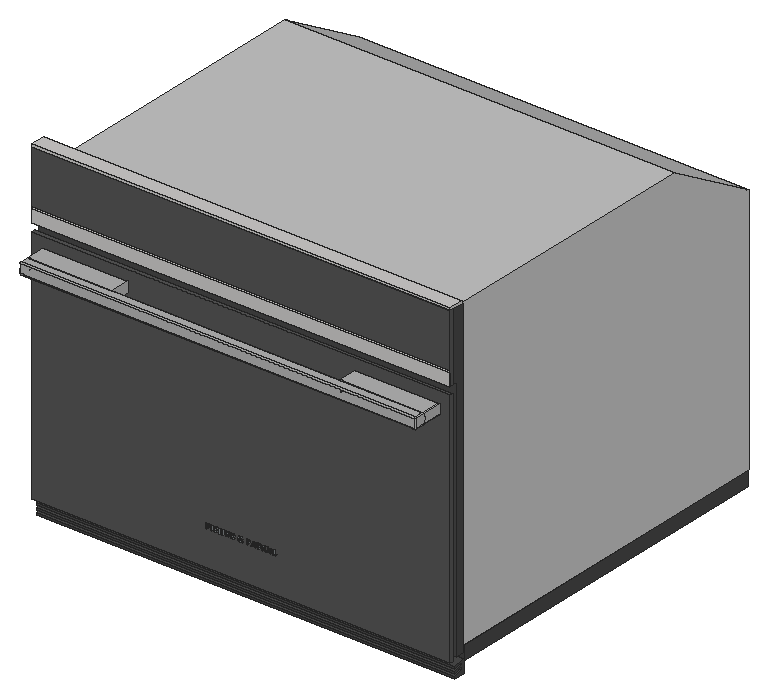
Revit family "FP_Revit_18_OM24NDB1_w_TK480NDB1_Microwave_Oven_w_24in_Trimkit_90000811A", category Specialty Equipment, Revit 2018
Family settings
  Round Connector Dimension = Use Diameter
  Part Type = Normal
  OmniClass Number = 23.40.40.14.17.31
  OmniClass Title = Small Specialized Cooking Equipment
  Work Plane-Based = No
  Always vertical = Yes
  Cut with Voids When Loaded = Yes
  Shared = No
  Room Calculation Point = No
Parameters (values of type "OM24NDB1 + TK480NDB1")
  Visibility - Clearance Required = yes
  URL = "www.fisherpaykel.com"
  Product - Width = 596 mm  # constant formula
  Product - Height = 478 mm  # constant formula
  Product - Depth = 614 mm  # constant formula
  Model = "OM24NDB1 + TK480NDB1"
  Material - Trim = Fisher & Paykel - Stainless Steel
  Material - Structure = Fisher & Paykel - Black
  Material - Handle = Fisher & Paykel - Aluminium
  Material - Glass = Fisher & Paykel - Glass, Black
  Material - Body = Fisher & Paykel - Grey
  Manufacturer = "Fisher & Paykel Appliances"
  FFL Offset [instance] = 900 mm
  Description = "24\" Microwave Oven + 24\" Trimkit"
  Connector Description - Electrical = "120/240 V or 12/208 V, 60 Hz, 13 or 14 A"
  Chassis - Width = 560 mm  # constant formula
  Chassis - Height = 466 mm  # constant formula
  Chassis - Depth = 542 mm  # constant formula
  Cavity - Width = 560 mm  # constant formula
  Cavity - Height = 480 mm  # constant formula
  Cavity - Depth = 560 mm  # constant formula
Reference planes
  plane 1 "Datum": y = 0
  plane 2: z = 0
  plane 3 "Center (Left/Right)": x = 0
  plane 4: z = 1380
  plane 5: z = 1378
  plane 6 "Product LHS": x = -298
  plane 7 "Product RHS": x = 298
  plane 8 "Product - Depth": y = 0
  plane 9 "Cavity LHS": x = -300
  plane 10 "Cavity RHS": x = 300
  plane 11 "Cavity - Depth": y = 560
  plane 12 "Chassis - Height": z = 0
  plane 13 "Product Depth": y = 542
  plane 14 "FFL Offset": z = 900
  plane 15 "Front": y = -22
Forms (mm)
  Extrusion 1, void
    sketch origin (0, 0, 0) x (0, 1, 0) y (0, 0, 1)
      loop
        line (-22, 1380) -> (-22, 900) -> (0, 900) -> (0, 1380) -> (-22, 1380)
    from -300 to 300
  Extrusion 2, void
    sketch origin (0, 0, 0) x (0, 1, 0) y (0, 0, 1)
      loop
        line (560, 1380) -> (0, 1380) -> (0, 900) -> (560, 900) -> (560, 1380)
    from -280 to 280
Text (mm)
  text "Due to ongoing product development, product details are subject to change without notice. \nPlease always refer to www.fisherpaykel.com for the most current product information. \n© Fisher & Paykel 2020" at (41.04, -413.295, 0), in view "Ref. Level (Plan)"
Dimensions and locks
  equal spacing: plane 6 "Product LHS", plane 3 "Center (Left/Right)", plane 7 "Product RHS"
  "Product - Width": plane 6 "Product LHS" to plane 7 "Product RHS"
  equal spacing: plane 9 "Cavity LHS", plane 3 "Center (Left/Right)", plane 10 "Cavity RHS"
  locked: plane 9 "Cavity LHS" to plane 10 "Cavity RHS" at 600
  "Chassis - Depth": plane 1 "Datum" to plane 13 "Product Depth"
  "FFL Offset": plane 14 "FFL Offset" to level
  "Cavity - Depth": plane 1 "Datum" to plane 11 "Cavity - Depth"
  "Product - Height": plane 5 to plane 14 "FFL Offset"
  "Cavity - Height": plane 4 to plane 14 "FFL Offset"
  "Chassis - Height": nested 1 to plane 14 "FFL Offset"
  "Cavity - Width": Extrusion 2 to Extrusion 2
  aligned and locked: level to plane 2
  aligned and locked: Extrusion 1 sketch curve to plane 8 "Product - Depth"
  aligned and locked: plane 14 "FFL Offset" to Extrusion 1 sketch curve
  aligned and locked: Extrusion 1 sketch curve to plane 4
  aligned and locked: Extrusion 1 to plane 10 "Cavity RHS"
  aligned and locked: plane 9 "Cavity LHS" to Extrusion 1
  aligned and locked: Extrusion 2 sketch curve to plane 8 "Product - Depth"
  aligned and locked: Extrusion 2 sketch curve to plane 14 "FFL Offset"
  aligned and locked: plane 11 "Cavity - Depth" to Extrusion 2 sketch curve
  aligned and locked: Extrusion 2 sketch curve to nested 2
  aligned and locked: nested 1 to plane 8 "Product - Depth"
  aligned and locked: plane 15 "Front" to Extrusion 1
Automatic sketch dimensions
  Extrusion 1 sketch curve to Extrusion 1 sketch curve = 22 mm
Nested families
  nested 1: "FP_Revit_18_OM24NDB1_Microwave_Oven_90000811A" at (0, 0, 20), FFL Offset <- "FFL Offset", type "OM24NDB1"
    with FFL Offset 900 mm
  nested 2: "FP_Revit_18_TK480_Trimkits_90001188A" at (0, 1.5, 0), FFL Offset <- "FFL Offset", type "TK480NDB1"
    with FFL Offset 900 mm
Connectors
  electrical at (-193.854, 548.619, 959.454), driven by "Connector Description - Electrical"
    settings: on nested 1, index 1, voltage 120 V, apparent load 0 VA, apparent load phase1 0 VA, apparent load phase2 0 VA, apparent load phase3 0 VA, power factor 1, load classification "Other", number of poles 1, system type 30, power factor state 1, is connector primary yes, connector utility no, sub classification motor no, connector description "120/240 V or 12/208 V, 60 Hz, 13 or 14 A"
Definition of nested family "FP_Revit_18_OM24NDB1_Microwave_Oven_90000811A"
  Parameters (values of type "OM24NDBB1")
    Visibility - Clearance Required = yes
    URL = "www.fisherpaykel.com"
    Product - Width = 596 mm  # constant formula
    Product - Height = 458 mm  # constant formula
    Product - Depth = 562 mm  # constant formula
    Model = "OM24NDBB1"
    Material - Trim = none
    Material - Structure = none
    Material - Handle = none
    Material - Glass = none
    Material - Body = none
    Manufacturer = "Fisher & Paykel Appliances"
    FFL Offset [instance] = 900 mm
    Description = "24\" Microwave Oven"
    Connector Description - Electrical = "120/240 V or 12/208 V, 60 Hz, 13 or 14 A"
    Chassis - Width = 556 mm  # constant formula
    Chassis - Height = 446 mm  # constant formula
    Chassis - Depth = 540 mm  # constant formula
    Cavity - Width = 600 mm  # constant formula
    Cavity - Height = 460 mm  # constant formula
    Cavity - Depth = 560 mm  # constant formula
  Types (4, lengths in mm): name | Model | Description | Connector Description - Electrical
    OS24NDB1 | "OS24NDB1" | "24\" Steam Oven" | "208 V or 240 V, 60 Hz, 10.8 or 12.5 A"
    OM24NDB1 | "OM24NDB1" | "24\" Microwave Oven" | "120/240 V or 12/208 V, 60 Hz, 13 or 14 A"
    OM24NDBB1 | "OM24NDBB1" | "24\" Microwave Oven" | "120/240 V or 12/208 V, 60 Hz, 13 or 14 A"
    OS24NDBB1 | "OS24NDBB1" | "24\" Steam Oven" | "208 V or 240 V, 60 Hz, 10.8 or 12.5 A"
  Reference planes
    plane 1 "Center (Front/Back)": y = 0
    plane 2: z = 0
    plane 3 "Center (Left/Right)": x = 0
    plane 4: z = 1360
    plane 5: z = 1358
    plane 6 "Product LHS": x = -298
    plane 7 "Product RHS": x = 298
    plane 8 "Product - Depth": y = 0
    plane 9 "Cavity LHS": x = -300
    plane 10 "Cavity RHS": x = 300
    plane 11 "Cavity - Depth": y = 560
    plane 12 "Front Face": y = -22
    plane 13 "Chassis - Height": z = 0
    plane 14 "Product Depth": y = 540
    plane 15 "FFL Offset": z = 900
  Forms (mm)
    Extrusion 1, solid, material <- "Material - Body"
      sketch origin (0, 0, 0) x (0, 1, 0) y (0, 0, 1)
        loop
          line (0, 1346) -> (0, 907.28) -> (5.16, 907.28) -> (5.16, 900) -> (534.187, 900) -> (534.187, 1257.991) -> (403.295, 1336.64) -> (24.316, 1336.64) -> (8.71, 1346) -> (0, 1346)
      from -278 to 278
    Extrusion 2, solid, material <- "Material - Structure", detail levels fine
      sketch origin (0, 0, 0) x (0, 1, 0) y (0, 0, 1)
        loop
          line (0, 1353.9) -> (-2, 1353.9) -> (-2, 1355) -> (-18, 1355) -> (-18, 1258) -> (-9.89, 1258) -> (-9.89, 907.28) -> (0, 907.28) -> (0, 1353.9)
      from -298 to 298
    Extrusion 3, solid, material <- "Material - Trim", detail levels fine
      sketch origin (0, 0, 0) x (0, 1, 0) y (0, 0, 1)
        loop
          line (-22, 1358) -> (-22, 1355) -> (-2, 1355) -> (-2, 1358) -> (-22, 1358)
      from -298 to 298
    Extrusion 4, solid, material <- "Material - Glass", detail levels fine
      sketch origin (0, 0, 0) x (0, 1, 0) y (0, 0, 1)
        loop
          line (-18, 1355) -> (-20.262, 1355)
          arc (-20.262, 1355) -> (-21.236, 1354.682) -> (-22, 1354) r 2.5
          line (-22, 1354) -> (-22, 1258) -> (-18, 1258) -> (-18, 1355)
      from -298 to 298
    Extrusion 5, solid, material <- "Material - Glass", detail levels fine
      sketch origin (0, 0, 0) x (0, 1, 0) y (0, 0, 1)
        loop
          line (-22, 1246.53) -> (-22, 904.53) -> (-18, 904.53) -> (-18, 1246.53) -> (-22, 1246.53)
      from -298 to 298
    Extrusion 6, solid, material <- "Material - Structure", detail levels fine
      sketch origin (0, 0, 0) x (0, 1, 0) y (0, 0, 1)
        loop
          line (-18, 1229.33) -> (-18, 907.28) -> (-9.89, 907.28) -> (-9.89, 1229.33) -> (-18, 1229.33)
      from -278 to 278
    Extrusion 7, void
      sketch origin (0, 0, 0) x (1, 0, 0) y (0, 0, 1)
        loop
          line (-158.462, 1052.91) -> (-229.24, 1052.91)
          arc (-229.24, 1052.91) -> (-232.776, 1051.446) -> (-234.24, 1047.91) r 5
          line (-234.24, 1047.91) -> (-234.24, 955.13)
          arc (-234.24, 955.13) -> (-232.776, 951.594) -> (-229.24, 950.13) r 5
          line (-229.24, 950.13) -> (-158.462, 950.13)
          arc (-158.462, 950.13) -> (-154.926, 951.594) -> (-153.462, 955.13) r 5
          line (-153.462, 955.13) -> (-153.462, 1047.91)
          arc (-153.462, 1047.91) -> (-154.926, 1051.446) -> (-158.462, 1052.91) r 5
      from -539.6 to -521.6
    Sweep 8, void
      path in 3D
        loop
          arc (-153.462, 521.6, 955.13) -> (-154.926, 521.6, 951.594) -> (-158.462, 521.6, 950.13) r 5
          line (-158.462, 521.6, 950.13) -> (-229.24, 521.6, 950.13)
          arc (-229.24, 521.6, 950.13) -> (-232.776, 521.6, 951.594) -> (-234.24, 521.6, 955.13) r 5
          line (-234.24, 521.6, 955.13) -> (-234.24, 521.6, 1047.91)
          arc (-234.24, 521.6, 1047.91) -> (-232.776, 521.6, 1051.446) -> (-229.24, 521.6, 1052.91) r 5
          line (-229.24, 521.6, 1052.91) -> (-158.462, 521.6, 1052.91)
          arc (-158.462, 521.6, 1052.91) -> (-154.926, 521.6, 1051.446) -> (-153.462, 521.6, 1047.91) r 5
          line (-153.462, 521.6, 1047.91) -> (-153.462, 521.6, 955.13)
      profile origin (-153.462, 521.6, 1001.52) x (-1, 0, 0) y (0, -1, 0)
        loop
          line (0, 0) -> (-21.3, -12.587) -> (0, -12.587) -> (0, 0)
    Extrusion 9, solid, material <- "Material - Body", detail levels medium+fine
      sketch origin (0, 0, -100) x (1, 0, 0) y (0, 0, 1)
        loop
          line (-175.354, 1115.273) -> (-212.354, 1115.273) -> (-212.354, 1057.273) -> (-175.354, 1057.273) -> (-175.354, 1115.273)
      from -540 to -521.6
    Extrusion 10, solid, material <- "Material - Trim", detail levels fine
      sketch origin (0, 0, 0) x (0, 1, 0) y (0, 0, 1)
        loop
          line (-22, 1258) -> (-22, 1277.8) -> (-22.8, 1277.8) -> (-23.7, 1275.5) -> (-23.7, 1258) -> (-22, 1258)
      from -298 to 298
    Extrusion 11, solid, visible <- "Visibility - Clearance Required", detail levels coarse
      sketch origin (0, 0, 0) x (1, 0, 0) y (0, 1, 0)
        loop
          line (-280, 0) -> (280, 0) -> (280, 548.619) -> (-280, 548.619) -> (-280, 0)
      from 900 to 1360
    Extrusion 12, solid, visible <- "Visibility - Clearance Required", detail levels coarse
      sketch origin (0, 0, 0) x (0, 1, 0) y (0, 0, 1)
        loop
          arc (-22, 1246.53) -> (-241.159, 1161.206) -> (-341.563, 948.532) r 317.644
          line (-341.563, 948.532) -> (-326.406, 946.445) -> (-332.106, 905.048) -> (-316.871, 902.951) -> (-311.171, 944.347) -> (-22, 904.53) -> (-22, 900) -> (0, 900) -> (0, 1360) -> (-22, 1360) -> (-22, 1246.53)
      from -300 to 300
    Sweep 13, solid, material <- "Material - Body", detail levels fine
      path origin (0, 0, -100) x (0, 1, 0) y (0, 0, 1)
        loop
          arc (530.8, 1057.273) -> (536.019, 1044.673) -> (548.619, 1039.454) r 17.819
      profile origin (0, 536.019, 944.673) x (0, 0.707107, 0.707107) y (1, 0, 0)
        loop
          circle (0, -193.854) r 5
    Extrusion 14, solid, material <- "Material - Glass", detail levels coarse+medium
      sketch origin (0, 0, 0) x (0, 1, 0) y (0, 0, 1)
        loop
          line (-22, 1358) -> (-22, 1258) -> (-9.89, 1258) -> (-9.89, 1229.33) -> (-18, 1229.33) -> (-18, 1246.53) -> (-22, 1246.53) -> (-22, 904.53) -> (-18, 904.53) -> (-18, 907.28) -> (0, 907.28) -> (0, 1353.9) -> (-2, 1353.9) -> (-2, 1358) -> (-22, 1358)
      from -298 to 298
    Extrusion 15, solid, material <- "Material - Body", not visible, detail levels medium+fine
      sketch origin (0, 0, 0) x (1, 0, 0) y (0, 0, 1)
        loop
          line (-175.354, 1115.273) -> (-212.354, 1115.273) -> (-212.354, 1057.273) -> (-175.354, 1057.273) -> (-175.354, 1115.273)
      from -540 to -521.6
    Sweep 16, solid, material <- "Material - Body", not visible, detail levels fine
      path origin (0, 0, 0) x (0, 1, 0) y (0, 0, 1)
        loop
          arc (530.8, 1057.273) -> (536.019, 1044.673) -> (548.619, 1039.454) r 17.819
      profile origin (0, 536.019, 1044.673) x (0, 0.707107, 0.707107) y (1, 0, 0)
        loop
          circle (0, -193.854) r 5
    Extrusion 17, void
      sketch origin (0, 0, 0) x (1, 0, 0) y (0, 1, 0)
        loop
          line (-280, 0) -> (280, 0) -> (280, 548.619) -> (-280, 548.619) -> (-280, 0)
      from 900 to 1360
    Extrusion 18, solid, visible <- "Visibility - Clearance Required", detail levels coarse
      sketch origin (0, 0, 0) x (0, 1, 0) y (0, 0, 1)
        loop
          arc (-22, 1246.53) -> (-241.159, 1161.206) -> (-341.563, 948.532) r 317.644
          line (-341.563, 948.532) -> (-326.406, 946.445) -> (-332.106, 905.048) -> (-316.871, 902.951) -> (-311.171, 944.347) -> (-22, 904.53) -> (-22, 900) -> (0, 900) -> (0, 1360) -> (-22, 1360) -> (-22, 1246.53)
      from -300 to 300
    Extrusion 19, void
      sketch origin (0, 0, 0) x (0, 1, 0) y (0, 0, 1)
        loop
          line (-22, 1360) -> (-22, 900) -> (0, 900) -> (0, 1360) -> (-22, 1360)
      from -300 to 300
  Cuts and joins
    Extrusion 7, Sweep 8 cuts Extrusion 1
    Extrusion 7 cuts Extrusion 2
    Extrusion 7 cuts Extrusion 5
    Extrusion 7 cuts Extrusion 6
  Lines and regions (mm)
    sketch lines
      curve 1: line (-153.462, 521.6, 1047.91) -> (-153.462, 521.6, 955.13)
      curve 2: arc (-153.462, 521.6, 1047.91) -> (-154.926, 521.6, 1051.446) -> (-158.462, 521.6, 1052.91) r 5
      curve 3: line (-229.24, 521.6, 1052.91) -> (-158.462, 521.6, 1052.91)
      curve 4: arc (-229.24, 521.6, 1052.91) -> (-232.776, 521.6, 1051.446) -> (-234.24, 521.6, 1047.91) r 5
      curve 5: line (-234.24, 521.6, 955.13) -> (-234.24, 521.6, 1047.91)
      curve 6: arc (-234.24, 521.6, 955.13) -> (-232.776, 521.6, 951.594) -> (-229.24, 521.6, 950.13) r 5
      curve 7: arc (-158.462, 521.6, 950.13) -> (-154.926, 521.6, 951.594) -> (-153.462, 521.6, 955.13) r 5
      curve 8: line (-158.462, 521.6, 950.13) -> (-229.24, 521.6, 950.13)
  Text (mm)
    text "Due to ongoing product development, product details are subject to change without notice. \nPlease always refer to www.fisherpaykel.com for the most current product information. \n© Fisher & Paykel 2020" at (41.04, -413.295, 0), in view "Ref. Level (Plan)"
  Dimensions and locks
    equal spacing: plane 6 "Product LHS", plane 3 "Center (Left/Right)", plane 7 "Product RHS"
    "Product - Width": plane 6 "Product LHS" to plane 7 "Product RHS"
    equal spacing: plane 9 "Cavity LHS", plane 3 "Center (Left/Right)", plane 10 "Cavity RHS"
    "Cavity - Width": plane 9 "Cavity LHS" to plane 10 "Cavity RHS"
    "Cavity - Depth": plane 11 "Cavity - Depth" to plane 1 "Center (Front/Back)"
    locked: plane 12 "Front Face" to plane 1 "Center (Front/Back)" at 22
    "Chassis - Depth": plane 1 "Center (Front/Back)" to plane 14 "Product Depth"
    Extrusion 1 sketch curve to plane 14 "Product Depth" = 5.813 mm
    equal spacing: cut or joined group of Extrusion 1, Extrusion 7, Sweep 8, plane 3 "Center (Left/Right)", cut or joined group of Extrusion 1, Extrusion 7, Sweep 8
    "Chassis - Width": cut or joined group of Extrusion 1, Extrusion 7, Sweep 8 to cut or joined group of Extrusion 1, Extrusion 7, Sweep 8
    "FFL Offset": plane 15 "FFL Offset" to level
    locked: nested 2 to plane 15 "FFL Offset" at 61.04
    locked: cut or joined group of Extrusion 1, Extrusion 7, Sweep 8 to plane 15 "FFL Offset" at 7.28
    locked: Extrusion 14 to plane 15 "FFL Offset" at 4.53
    locked: cut or joined group of Extrusion 1, Extrusion 7, Sweep 8 to plane 15 "FFL Offset" at 436.64
    "Chassis - Height": cut or joined group of Extrusion 1, Extrusion 7, Sweep 8 to plane 15 "FFL Offset"
    Extrusion 11 to plane 15 "FFL Offset" = 460 mm
    locked: plane 15 "FFL Offset" to Extrusion 9 at 57.273
    locked: plane 15 "FFL Offset" to cut or joined group of Extrusion 1, Extrusion 7, Sweep 8 at 50.13
    "Product - Height": plane 5 to plane 15 "FFL Offset"
    "Cavity - Height": plane 4 to plane 15 "FFL Offset"
    locked: nested 1 to plane 15 "FFL Offset" at 330.978
    locked: plane 5 to Extrusion 14 at 100
    locked: plane 5 to Extrusion 14 at 111.47
    locked: Extrusion 12 sketch curve to plane 15 "FFL Offset" at 4.53
    locked: plane 15 "FFL Offset" to Extrusion 7 sketch curve at 152.91
    locked: plane 15 "FFL Offset" to Extrusion 7 sketch curve at 50.13
    aligned and locked: level to plane 2
    aligned and locked: Extrusion 3 sketch curve to plane 5
    aligned and locked: plane 6 "Product LHS" to Extrusion 5
    aligned and locked: Extrusion 5 to plane 7 "Product RHS"
    aligned and locked: Extrusion 4 to plane 7 "Product RHS"
    aligned and locked: plane 6 "Product LHS" to Extrusion 4
    aligned and locked: plane 6 "Product LHS" to Extrusion 3
    aligned and locked: Extrusion 3 to plane 7 "Product RHS"
    aligned and locked: plane 6 "Product LHS" to Extrusion 2
    aligned and locked: Extrusion 2 to plane 7 "Product RHS"
    aligned and locked: plane 14 "Product Depth" to Extrusion 9
    aligned and locked: cut or joined group of Extrusion 1, Extrusion 7, Sweep 8 to Extrusion 9
    aligned and locked: Extrusion 10 to plane 7 "Product RHS"
    aligned and locked: plane 6 "Product LHS" to Extrusion 10
    aligned and locked: Extrusion 14 to plane 7 "Product RHS"
    aligned and locked: plane 6 "Product LHS" to Extrusion 14
    aligned and locked: Extrusion 1 to plane 15 "FFL Offset"
    aligned and locked: Extrusion 11 to cut or joined group of Extrusion 1, Extrusion 7, Sweep 8
    aligned and locked: Extrusion 14 to cut or joined group of Extrusion 1, Extrusion 7, Sweep 8
    aligned and locked: Extrusion 2 to cut or joined group of Extrusion 1, Extrusion 7, Sweep 8
    aligned and locked: Extrusion 6 to cut or joined group of Extrusion 1, Extrusion 7, Sweep 8
    aligned and locked: plane 5 to Extrusion 3
    aligned and locked: plane 5 to Extrusion 14
    aligned and locked: Extrusion 10 to Extrusion 4
    aligned and locked: Extrusion 14 to Extrusion 4
    aligned and locked: Extrusion 4 to cut or joined group of Extrusion 2, Extrusion 7
    aligned and locked: Extrusion 5 to Extrusion 14  (x2)
    aligned and locked: plane 4 to Extrusion 11
    aligned and locked: Extrusion 11 to Sweep 13
    aligned and locked: Extrusion 12 sketch curve to plane 15 "FFL Offset"
    aligned and locked: Extrusion 12 sketch curve to plane 4
    aligned and locked: plane 4 to Extrusion 17
    aligned and locked: Extrusion 17 to cut or joined group of Extrusion 1, Extrusion 7, Sweep 8
    aligned and locked: plane 15 "FFL Offset" to Extrusion 19 sketch curve
    aligned and locked: Extrusion 19 sketch curve to plane 4
  Automatic sketch dimensions
    Extrusion 9 sketch curve to Extrusion 9 sketch curve = 37 mm
    Extrusion 9 sketch curve to Extrusion 9 sketch curve = 58 mm
    Sweep 13 sketch curve to profile plane = 0 mm
    Sweep 13 sketch curve to Sweep 13 sketch curve = 17.819 mm
    Sweep 13 sketch curve to profile plane = 193.854 mm
    Extrusion 15 sketch curve to Extrusion 15 sketch curve = 37 mm
    Extrusion 15 sketch curve to Extrusion 15 sketch curve = 58 mm
    Sweep 16 sketch curve to profile plane = 0 mm
    Sweep 16 sketch curve to Sweep 16 sketch curve = 17.819 mm
    Sweep 16 sketch curve to profile plane = 193.854 mm
    Extrusion 1 sketch curve to plane 1 "Center (Front/Back)" = 0 mm
    Extrusion 1 sketch curve to plane 15 "FFL Offset" = 0 mm
    Extrusion 1 sketch curve to plane 1 "Center (Front/Back)" = 5.16 mm
    Extrusion 1 sketch curve to Extrusion 1 sketch curve = 8.71 mm
    Extrusion 1 sketch curve to Extrusion 1 sketch curve = 15.606 mm
    Extrusion 1 sketch curve to plane 5 = 21.36 mm
    Extrusion 1 sketch curve to plane 14 "Product Depth" = 136.705 mm
    Extrusion 1 sketch curve to Extrusion 1 sketch curve = 7.28 mm
    Extrusion 1 sketch curve to plane 5 = 100.009 mm
    Extrusion 1 sketch curve to plane 5 = 12 mm
    Extrusion 2 sketch curve to plane 1 "Center (Front/Back)" = 0 mm
    plane 1 "Center (Front/Back)" to Extrusion 2 sketch curve = 2 mm
    plane 1 "Center (Front/Back)" to Extrusion 2 sketch curve = 9.89 mm
    plane 12 "Front Face" to Extrusion 2 sketch curve = 4 mm
    plane 15 "FFL Offset" to Extrusion 2 sketch curve = 7.28 mm
    Extrusion 2 sketch curve to plane 5 = 100 mm
    Extrusion 2 sketch curve to plane 5 = 4.1 mm
    Extrusion 2 sketch curve to Extrusion 2 sketch curve = 1.1 mm
    Extrusion 3 sketch curve to plane 12 "Front Face" = 0 mm
    plane 1 "Center (Front/Back)" to Extrusion 3 sketch curve = 2 mm
    Extrusion 3 sketch curve to plane 5 = 3 mm
    Extrusion 4 sketch curve to plane 12 "Front Face" = 0 mm
    plane 12 "Front Face" to Extrusion 4 sketch curve = 1.738 mm
    plane 12 "Front Face" to Extrusion 4 sketch curve = 2.011 mm
    plane 12 "Front Face" to Extrusion 4 sketch curve = 4 mm
    Extrusion 4 sketch curve to plane 5 = 100 mm
    Extrusion 4 sketch curve to plane 5 = 5.485 mm
    Extrusion 4 sketch curve to Extrusion 4 sketch curve = 1.485 mm
    Extrusion 5 sketch curve to plane 12 "Front Face" = 0 mm
    plane 12 "Front Face" to Extrusion 5 sketch curve = 4 mm
    plane 15 "FFL Offset" to Extrusion 5 sketch curve = 4.53 mm
    Extrusion 5 sketch curve to plane 5 = 111.47 mm
    plane 12 "Front Face" to Extrusion 6 sketch curve = 4 mm
    Extrusion 6 sketch curve to Extrusion 6 sketch curve = 8.11 mm
    plane 15 "FFL Offset" to Extrusion 6 sketch curve = 7.28 mm
    Extrusion 6 sketch curve to plane 5 = 128.67 mm
    Extrusion 7 sketch curve to plane 6 "Product LHS" = 63.76 mm
    Extrusion 7 sketch curve to Extrusion 7 sketch curve = 5 mm  (x3)
    Extrusion 7 sketch curve to Extrusion 7 sketch curve = 70.778 mm  (x2)
    Sweep 8 sketch curve to profile plane = 0 mm  (x2)
    Sweep 8 sketch curve to profile plane = 21.3 mm
    profile plane to Sweep 8 sketch curve = 12.587 mm
    Extrusion 10 sketch curve to plane 12 "Front Face" = 0 mm
    Extrusion 10 sketch curve to Extrusion 10 sketch curve = 0.8 mm
    Extrusion 10 sketch curve to plane 12 "Front Face" = 1.7 mm
    Extrusion 10 sketch curve to plane 5 = 100 mm
    Extrusion 10 sketch curve to Extrusion 10 sketch curve = 17.5 mm
    Extrusion 10 sketch curve to Extrusion 10 sketch curve = 2.3 mm
    plane 1 "Center (Front/Back)" to Extrusion 11 sketch curve = 0 mm
    plane 14 "Product Depth" to Extrusion 11 sketch curve = 8.619 mm
    Extrusion 11 sketch curve to plane 6 "Product LHS" = 18 mm
    plane 7 "Product RHS" to Extrusion 11 sketch curve = 18 mm
    Extrusion 12 sketch curve to plane 12 "Front Face" = 0 mm  (x2)
    Extrusion 12 sketch curve to plane 1 "Center (Front/Back)" = 0 mm
    Extrusion 12 sketch curve to plane 12 "Front Face" = 2.526 mm
    plane 15 "FFL Offset" to Extrusion 12 sketch curve = 44.347 mm
    Extrusion 12 sketch curve to Extrusion 12 sketch curve = 286.644 mm
    plane 15 "FFL Offset" to Extrusion 12 sketch curve = 2.951 mm
    plane 15 "FFL Offset" to Extrusion 12 sketch curve = 46.445 mm
    Extrusion 12 sketch curve to Extrusion 12 sketch curve = 15.235 mm
    plane 15 "FFL Offset" to Extrusion 12 sketch curve = 48.532 mm
    Extrusion 12 sketch curve to Extrusion 12 sketch curve = 24.366 mm
    Extrusion 14 sketch curve to plane 5 = 0 mm
    Extrusion 14 sketch curve to plane 12 "Front Face" = 0 mm  (x2)
    Extrusion 14 sketch curve to plane 1 "Center (Front/Back)" = 0 mm
    plane 12 "Front Face" to Extrusion 14 sketch curve = 4 mm  (x2)
    plane 1 "Center (Front/Back)" to Extrusion 14 sketch curve = 9.89 mm
    plane 1 "Center (Front/Back)" to Extrusion 14 sketch curve = 2 mm
    Extrusion 14 sketch curve to plane 5 = 4.1 mm
    Extrusion 14 sketch curve to Extrusion 14 sketch curve = 95.9 mm
    Extrusion 14 sketch curve to Extrusion 14 sketch curve = 11.47 mm
    Extrusion 14 sketch curve to Extrusion 14 sketch curve = 17.2 mm
    plane 15 "FFL Offset" to Extrusion 14 sketch curve = 7.28 mm
    Extrusion 14 sketch curve to Extrusion 14 sketch curve = 2.75 mm
    plane 1 "Center (Front/Back)" to Extrusion 17 sketch curve = 0 mm
    plane 14 "Product Depth" to Extrusion 17 sketch curve = 8.619 mm
    Extrusion 17 sketch curve to plane 6 "Product LHS" = 18 mm
    plane 7 "Product RHS" to Extrusion 17 sketch curve = 18 mm
    Extrusion 18 sketch curve to plane 12 "Front Face" = 0 mm  (x2)
    Extrusion 18 sketch curve to plane 1 "Center (Front/Back)" = 0 mm
    Extrusion 18 sketch curve to plane 15 "FFL Offset" = 0 mm
    Extrusion 18 sketch curve to plane 4 = 0 mm
    Extrusion 18 sketch curve to plane 12 "Front Face" = 2.526 mm
    plane 15 "FFL Offset" to Extrusion 18 sketch curve = 44.347 mm
    Extrusion 18 sketch curve to Extrusion 18 sketch curve = 286.644 mm
    plane 15 "FFL Offset" to Extrusion 18 sketch curve = 2.951 mm
    Extrusion 18 sketch curve to Extrusion 18 sketch curve = 5.7 mm
    plane 15 "FFL Offset" to Extrusion 18 sketch curve = 46.445 mm
    Extrusion 18 sketch curve to Extrusion 18 sketch curve = 15.235 mm
    plane 15 "FFL Offset" to Extrusion 18 sketch curve = 48.532 mm
    Extrusion 18 sketch curve to Extrusion 18 sketch curve = 24.366 mm
    Extrusion 19 sketch curve to plane 12 "Front Face" = 0 mm
    Extrusion 19 sketch curve to plane 1 "Center (Front/Back)" = 0 mm
    radius of Sweep 13 sketch curve = 5 mm
    radius of Sweep 16 sketch curve = 5 mm
  Nested families
    nested 1: "F&P Handle Contemporary Square OB60-24" at (0, -22, 1223), type "Aluminium"
    nested 2: "F&P Logo 100mm" at (0, -22, 955), type "F&P Logo 100mm"
  Connectors
    electrical at (-193.854, 548.619, 939.454), driven by "Connector Description - Electrical"
      settings: on Sweep 13, index 1, voltage 120 V, apparent load 0 VA, apparent load phase1 0 VA, apparent load phase2 0 VA, apparent load phase3 0 VA, power factor 1, load classification none, number of poles 1, system type 30, power factor state 1, is connector primary yes, connector utility no, sub classification motor no, connector description "120/240 V or 12/208 V, 60 Hz, 13 or 14 A"
  Definition of nested family "F&P Handle Contemporary Square OB60-24"
    Parameters (values of type "Aluminium Dark")
      URL = "www.fisherpaykel.com"
      Material - Handle = none
      Manufacturer = "Fisher & Paykel Appliances"
      Handle - Length = 565 mm
    Types (2): name
      Aluminium
      Aluminium Dark
    Reference planes
      plane 1 "Center (Front/Back)": y = 0
      plane 2: z = 0
      plane 3 "Center (Left/Right)": x = 0
      plane 4 "Product LHS": x = -282.5
      plane 5 "Product RHS": x = 282.5
      plane 6 "LHS Standoff": x = -162.495
      plane 7 "RHS Standoff": x = 162.505
    Forms (mm)
      Extrusion 1, solid, material <- "Material - Handle", detail levels fine
        sketch origin (0, 0, 0) x (0, 1, 0) y (0, 0, 1)
          loop
            arc (-28.701, 7.561) -> (-29.057, 7.868) -> (-29.514, 7.978) r 1
            line (-29.514, 7.978) -> (-40.5, 7.978)
            arc (-40.5, 7.978) -> (-41.561, 7.539) -> (-42, 6.478) r 1.5
            line (-42, 6.478) -> (-42, -6.522)
            arc (-42, -6.522) -> (-41.561, -7.583) -> (-40.5, -8.022) r 1.5
            line (-40.5, -8.022) -> (-29.487, -8.022)
            arc (-29.487, -8.022) -> (-29.029, -7.911) -> (-28.673, -7.602) r 1
            arc (-28.673, -7.602) -> (-26.256, -0.016) -> (-28.701, 7.561) r 13.038
        from -282.5 to 282.5
      Extrusion 2, solid, material <- "Material - Handle", detail levels fine
        sketch origin (0, 0, 0) x (0, 1, 0) y (0, 0, 1)
          loop
            arc (-28.23, 7.062) -> (-26.156, 0.008) -> (-28.198, -7.056) r 13.136
            arc (-28.198, -7.056) -> (-28.21, -7.463) -> (-27.86, -7.67) r 0.4
            line (-27.86, -7.67) -> (0, -7.67) -> (0, 7.678) -> (-27.893, 7.678)
            arc (-27.893, 7.678) -> (-28.244, 7.47) -> (-28.23, 7.062) r 0.4
        from 162.505 to 282.5
      Extrusion 3, solid, material <- "Material - Handle", detail levels fine
        sketch origin (0, 0, 0) x (0, 1, 0) y (0, 0, -1)
          loop
            arc (-28.23, -7.062) -> (-28.244, -7.47) -> (-27.893, -7.678) r 0.4
            line (-27.893, -7.678) -> (0, -7.678) -> (0, 7.67) -> (-27.86, 7.67)
            arc (-27.86, 7.67) -> (-28.21, 7.463) -> (-28.198, 7.056) r 0.4
            arc (-28.198, 7.056) -> (-26.156, -0.008) -> (-28.23, -7.062) r 13.136
        from 162.495 to 282.5
      Sweep 4, void
        path in 3D
          loop
            line (282.5, -29.514, 7.978) -> (282.5, -40.5, 7.978)
            arc (282.5, -40.5, 7.978) -> (282.5, -41.561, 7.539) -> (282.5, -42, 6.478) r 1.5
            line (282.5, -42, 6.478) -> (282.5, -42, -6.522)
            arc (282.5, -42, -6.522) -> (282.5, -41.561, -7.583) -> (282.5, -40.5, -8.022) r 1.5
            line (282.5, -40.5, -8.022) -> (282.5, -29.487, -8.022)
        profile origin (282.5, -35.007, 7.978) x (1, 0, 0) y (0, 0, 1)
          loop
            line (0, 0) -> (-1.3, 0) -> (0, -1.3) -> (0, 0)
      Sweep 5, void
        path in 3D
          loop
            line (-282.5, -29.487, -8.022) -> (-282.5, -40.5, -8.022)
            arc (-282.5, -40.5, -8.022) -> (-282.5, -41.561, -7.583) -> (-282.5, -42, -6.522) r 1.5
            line (-282.5, -42, -6.522) -> (-282.5, -42, 6.478)
            arc (-282.5, -42, 6.478) -> (-282.5, -41.561, 7.539) -> (-282.5, -40.5, 7.978) r 1.5
            line (-282.5, -40.5, 7.978) -> (-282.5, -29.514, 7.978)
        profile origin (-282.5, -35.007, 7.978) x (-1, 0, 0) y (0, 0, 1)
          loop
            line (0, 0) -> (-1.3, 0) -> (0, -1.3) -> (0, 0)
      Extrusion 6, void
        sketch origin (0, 0, 0) x (1, 0, 0) y (0, 0, 1)
          loop
            line (282.5, 7.978) -> (281.2, 7.978) -> (282.5, 6.678) -> (282.5, 7.978)
          loop
            line (282.5, -8.022) -> (282.5, -6.722) -> (281.2, -8.022) -> (282.5, -8.022)
        from 0 to 40
      Extrusion 7, void
        sketch origin (0, 0, 0) x (1, 0, 0) y (0, 0, 1)
          loop
            line (-282.5, 7.978) -> (-282.5, 6.678) -> (-281.2, 7.978) -> (-282.5, 7.978)
          loop
            line (-282.5, -8.022) -> (-281.2, -8.022) -> (-282.5, -6.722) -> (-282.5, -8.022)
        from 0 to 40
      Extrusion 8, solid, material <- "Material - Handle", detail levels coarse+medium
        sketch origin (0, 0, 0) x (1, 0, 0) y (0, 1, 0)
          loop
            line (-282.5, -42) -> (282.5, -42) -> (282.5, 0) -> (162.505, 0) -> (162.505, -26.156) -> (-162.495, -26.156) -> (-162.495, 0) -> (-282.5, 0) -> (-282.5, -42)
        from -8.022 to 7.978
    Cuts and joins
      Sweep 4, Sweep 5, Extrusion 6, Extrusion 7 cuts Extrusion 1
      Extrusion 6 cuts Extrusion 2
      Extrusion 7 cuts Extrusion 3
    Lines and regions (mm)
      sketch lines
        curve 1: line (282.5, -29.514, 7.978) -> (282.5, -40.5, 7.978)
        curve 2: arc (282.5, -42, 6.478) -> (282.5, -41.561, 7.539) -> (282.5, -40.5, 7.978) r 1.5
        curve 3: line (282.5, -42, 6.478) -> (282.5, -42, -6.522)
        curve 4: arc (282.5, -40.5, -8.022) -> (282.5, -41.561, -7.583) -> (282.5, -42, -6.522) r 1.5
        curve 5: line (282.5, -40.5, -8.022) -> (282.5, -29.487, -8.022)
        curve 6: line (-282.5, -40.5, 7.978) -> (-282.5, -29.514, 7.978)
        curve 7: arc (-282.5, -40.5, 7.978) -> (-282.5, -41.561, 7.539) -> (-282.5, -42, 6.478) r 1.5
        curve 8: line (-282.5, -42, -6.522) -> (-282.5, -42, 6.478)
        curve 9: arc (-282.5, -42, -6.522) -> (-282.5, -41.561, -7.583) -> (-282.5, -40.5, -8.022) r 1.5
        curve 10: line (-282.5, -29.487, -8.022) -> (-282.5, -40.5, -8.022)
    Dimensions and locks
      equal spacing: plane 4 "Product LHS", plane 3 "Center (Left/Right)", plane 5 "Product RHS"
      "Handle - Length": plane 4 "Product LHS" to plane 5 "Product RHS"
      locked: plane 4 "Product LHS" to plane 6 "LHS Standoff" at 120.005
      locked: plane 7 "RHS Standoff" to plane 5 "Product RHS" at 119.995
      aligned and locked: level to plane 2
      aligned and locked: Extrusion 1 to plane 5 "Product RHS"
      aligned and locked: plane 4 "Product LHS" to Extrusion 1
      aligned and locked: Extrusion 2 to plane 5 "Product RHS"
      aligned and locked: plane 4 "Product LHS" to Extrusion 3
      aligned and locked: plane 4 "Product LHS" to Extrusion 8 sketch curve
      aligned and locked: Extrusion 8 sketch curve to plane 5 "Product RHS"
      aligned and locked: Extrusion 8 sketch curve to plane 7 "RHS Standoff"
      aligned and locked: plane 6 "LHS Standoff" to Extrusion 8 sketch curve
      aligned and locked: Extrusion 2 to plane 7 "RHS Standoff"
      aligned and locked: plane 6 "LHS Standoff" to Extrusion 3
    Automatic sketch dimensions
      Extrusion 1 sketch curve to level = 6.522 mm
      plane 1 "Center (Front/Back)" to Extrusion 1 sketch curve = 42 mm
      Extrusion 1 sketch curve to Extrusion 1 sketch curve = 1.5 mm  (x2)
      Extrusion 1 sketch curve to level = 0.04 mm
      Extrusion 1 sketch curve to Extrusion 1 sketch curve = 1.206 mm
      level to Extrusion 1 sketch curve = 6.978 mm
      Extrusion 1 sketch curve to Extrusion 1 sketch curve = 10.986 mm
      Extrusion 1 sketch curve to Extrusion 1 sketch curve = 11.013 mm
      Extrusion 1 sketch curve to Extrusion 1 sketch curve = 1 mm
      level to Extrusion 1 sketch curve = 6.478 mm
      Extrusion 1 sketch curve to Extrusion 1 sketch curve = 0 mm
      Extrusion 2 sketch curve to plane 1 "Center (Front/Back)" = 0 mm
      Extrusion 2 sketch curve to level = 7.67 mm
      Extrusion 2 sketch curve to Extrusion 2 sketch curve = 27.86 mm
      level to Extrusion 2 sketch curve = 7.678 mm
      Extrusion 2 sketch curve to Extrusion 2 sketch curve = 0.033 mm
      Extrusion 2 sketch curve to level = 0.022 mm
      Extrusion 2 sketch curve to Extrusion 2 sketch curve = 11.398 mm
      Extrusion 2 sketch curve to Extrusion 2 sketch curve = 0.4 mm  (x2)
      Extrusion 2 sketch curve to Extrusion 2 sketch curve = 0 mm
      Extrusion 3 sketch curve to plane 1 "Center (Front/Back)" = 0 mm
      Extrusion 3 sketch curve to level = 7.67 mm
      Extrusion 3 sketch curve to Extrusion 3 sketch curve = 27.86 mm
      level to Extrusion 3 sketch curve = 7.678 mm
      Extrusion 3 sketch curve to Extrusion 3 sketch curve = 0.033 mm
      Extrusion 3 sketch curve to level = 0.022 mm
      Extrusion 3 sketch curve to Extrusion 3 sketch curve = 11.398 mm
      Extrusion 3 sketch curve to Extrusion 3 sketch curve = 0.4 mm  (x2)
      Extrusion 3 sketch curve to Extrusion 3 sketch curve = 0 mm
      profile plane to Sweep 4 sketch curve = 0 mm
      Sweep 4 sketch curve to profile plane = 0 mm
      Sweep 4 sketch curve to profile plane = 1.3 mm
      profile plane to Sweep 4 sketch curve = 1.3 mm
      Sweep 5 sketch curve to profile plane = 0 mm  (x2)
      profile plane to Sweep 5 sketch curve = 1.3 mm
      Sweep 5 sketch curve to profile plane = 1.3 mm
      plane 5 "Product RHS" to Extrusion 6 sketch curve = 0 mm  (x2)
      Extrusion 6 sketch curve to Extrusion 6 sketch curve = 1.3 mm  (x4)
      Extrusion 6 sketch curve to level = 6.722 mm
      level to Extrusion 6 sketch curve = 6.678 mm
      plane 4 "Product LHS" to Extrusion 7 sketch curve = 0 mm  (x2)
      Extrusion 7 sketch curve to plane 4 "Product LHS" = 1.3 mm  (x2)
      Extrusion 7 sketch curve to level = 8.022 mm
      level to Extrusion 7 sketch curve = 6.678 mm
      Extrusion 7 sketch curve to Extrusion 7 sketch curve = 1.3 mm  (x2)
      plane 1 "Center (Front/Back)" to Extrusion 8 sketch curve = 0 mm  (x2)
      Extrusion 8 sketch curve to Extrusion 8 sketch curve = 26.156 mm
      Extrusion 8 sketch curve to Extrusion 8 sketch curve = 42 mm
  Definition of nested family "F&P Logo 100mm"
    Parameters (values of type "F&P Logo 100mm")
      URL = "www.fisherpaykel.com"
      Material - Logo = none
      Manufacturer = "Fisher & Paykel Appliances"
    Reference planes
      plane 1 "Center (Front/Back)": y = 0
      plane 2: z = 0
      plane 3 "Center (Left/Right)": x = 0
    Forms (mm)
      Extrusion 1, solid, material <- "Material - Logo", detail levels fine
        sketch origin (0, 0, 0) x (1, 0, 0) y (0, 0, 1)
          loop
            line (-50.044, 0) -> (-48.47, 0) -> (-48.47, 2.138) -> (-46.011, 2.138) -> (-46.011, 3.472) -> (-48.47, 3.472) -> (-48.47, 4.712) -> (-45.795, 4.712) -> (-45.795, 6.04) -> (-50.044, 6.04) -> (-50.044, 0)
          loop
            line (-42.804, 6.04) -> (-42.804, 0) -> (-41.23, 0) -> (-41.23, 6.04) -> (-42.804, 6.04)
          loop
            line (-30.724, 6.04) -> (-30.724, 0) -> (-29.151, 0) -> (-29.151, 2.42) -> (-26.839, 2.42) -> (-26.839, 0) -> (-25.265, 0) -> (-25.265, 6.04) -> (-26.839, 6.04) -> (-26.839, 3.748) -> (-29.151, 3.748) -> (-29.151, 6.04) -> (-30.724, 6.04)
          loop
            line (-21.906, 6.04) -> (-21.906, 0) -> (-17.602, 0) -> (-17.602, 1.328) -> (-20.347, 1.328) -> (-20.347, 2.42) -> (-17.838, 2.42) -> (-17.838, 3.748) -> (-20.347, 3.748) -> (-20.347, 4.712) -> (-17.602, 4.712) -> (-17.602, 6.04) -> (-21.906, 6.04)
          loop
            line (45.667, 6.04) -> (45.667, 0) -> (49.956, 0) -> (49.956, 1.328) -> (47.241, 1.328) -> (47.241, 6.04) -> (45.667, 6.04)
          loop
            line (42.431, 6.04) -> (38.112, 6.04) -> (38.112, 0) -> (42.431, 0) -> (42.431, 1.328) -> (39.687, 1.328) -> (39.687, 2.42) -> (42.195, 2.42) -> (42.195, 3.748) -> (39.687, 3.748) -> (39.687, 4.712) -> (42.431, 4.712) -> (42.431, 6.04)
          loop
            line (33.451, 3.148) -> (35.683, 6.04) -> (33.844, 6.04) -> (31.915, 3.542) -> (31.915, 6.04) -> (30.342, 6.04) -> (30.342, 0) -> (31.915, 0) -> (31.915, 2.705) -> (33.903, 0) -> (35.763, 0) -> (33.451, 3.148)
          loop
            line (21.98, 6.04) -> (24.262, 2.42) -> (24.262, 0) -> (25.837, 0) -> (25.837, 2.341) -> (28.119, 6.04) -> (26.446, 6.04) -> (25.099, 3.707) -> (23.753, 6.04) -> (21.98, 6.04)
          loop
            line (18.479, 6.04) -> (16.983, 6.04) -> (14.524, 0) -> (16.069, 0) -> (16.501, 1.112) -> (18.921, 1.112) -> (19.354, 0) -> (20.938, 0) -> (18.479, 6.04)
          loop
            line (18.4, 2.439) -> (17.693, 4.174) -> (17.018, 2.439) -> (18.4, 2.439)
          loop
            line (8.031, 6.04) -> (8.031, 0) -> (9.605, 0) -> (9.605, 1.938) -> (10.599, 1.938)
            arc (10.599, 1.938) -> (12.65, 3.989) -> (10.599, 6.04) r 2.051
            line (10.599, 6.04) -> (8.031, 6.04)
          loop
            line (9.605, 4.712) -> (9.605, 3.197) -> (10.501, 3.197)
            arc (10.501, 3.197) -> (11.259, 3.954) -> (10.501, 4.712) r 0.757
            line (10.501, 4.712) -> (9.605, 4.712)
          loop
            line (-11.783, 6.04) -> (-14.366, 6.04) -> (-14.366, 0) -> (-12.792, 0) -> (-12.792, 1.336) -> (-11.992, 1.336) -> (-10.972, 0) -> (-9.153, 0) -> (-10.694, 1.973)
            arc (-10.694, 1.973) -> (-9.678, 4.424) -> (-11.783, 6.04) r 2.179
          loop
            line (-11.897, 4.712) -> (-12.792, 4.712) -> (-12.792, 3.053) -> (-11.897, 3.053)
            arc (-11.897, 3.053) -> (-11.068, 3.882) -> (-11.897, 4.712) r 0.83
          loop
            line (0.477, 4.712) -> (0.477, 6.153) -> (-3.575, 6.153) -> (-3.575, 4.851) -> (-2.974, 4.112)
            arc (-2.974, 4.112) -> (-3.51, 0.684) -> (-0.045, 0.512) r 2.334
            line (-0.045, 0.512) -> (0.46, -0.109) -> (2.246, -0.109) -> (0.86, 1.594) -> (2.061, 3.324) -> (0.443, 3.324) -> (-0.013, 2.667) -> (-1.677, 4.712) -> (0.477, 4.712)
          loop
            arc (-2.125, 3.068) -> (-2.269, 1.668) -> (-0.868, 1.524) r 0.996
            line (-0.868, 1.524) -> (-2.125, 3.068)
          loop
            line (-35.18, 3.634) -> (-36.516, 3.91)
            arc (-36.516, 3.91) -> (-37.049, 4.443) -> (-36.516, 4.976) r 0.533
            arc (-36.516, 4.976) -> (-35.235, 4.79) -> (-34.059, 4.248) r 4.505
            line (-34.059, 4.248) -> (-34.059, 5.743)
            arc (-34.059, 5.743) -> (-35.549, 6.179) -> (-37.1, 6.109) r 4.726
            arc (-37.1, 6.109) -> (-38.536, 4.335) -> (-37.1, 2.561) r 1.814
            line (-37.1, 2.561) -> (-35.754, 2.282)
            arc (-35.754, 2.282) -> (-35.221, 1.749) -> (-35.754, 1.216) r 0.533
            arc (-35.754, 1.216) -> (-37.035, 1.402) -> (-38.211, 1.945) r 4.505
            line (-38.211, 1.945) -> (-38.211, 0.449)
            arc (-38.211, 0.449) -> (-36.72, 0.013) -> (-35.169, 0.083) r 4.726
            arc (-35.169, 0.083) -> (-33.734, 1.863) -> (-35.18, 3.634) r 1.814
        from 0 to 0.8
    Dimensions and locks
      aligned and locked: level to plane 2
Definition of nested family "FP_Revit_18_TK480_Trimkits_90001188A"
  Parameters (values of type "TK480NDB1")
    Visibility - Clearance Required = yes
    URL = "www.fisherpaykel.com"
    Product - Width = 596 mm  # constant formula
    Product - Height = 478 mm  # constant formula
    Product - Depth = 551.5 mm  # constant formula
    Model = "TK480NDB1"
    Material - Body = none
    Manufacturer = "Fisher & Paykel Appliances"
    FFL Offset [instance] = 860 mm
    Description = "24\"/60cm Trim Kit"
    Chassis - Width = 560 mm  # constant formula
    Chassis - Height = 20 mm  # constant formula
    Chassis - Depth = 530 mm  # constant formula
    Cavity - Width = 600 mm  # constant formula
    Cavity - Height = 480 mm  # constant formula
    Cavity - Depth = 560 mm  # constant formula
  Reference planes
    plane 1 "Center (Front/Back)": y = 0
    plane 2: z = 0
    plane 3 "Center (Left/Right)": x = 0
    plane 4 "Cavity - Height": z = 1340
    plane 5 "Product - Height": z = 1338
    plane 6 "Product - Depth": y = 530
    plane 7 "Cavity - Depth": y = 560
    plane 8 "Chassis - Height": z = 880
    plane 9 "FFL Offset": z = 860
    plane 10 "Product - RHS": x = 298
    plane 11 "Cavity - RHS": x = 300
    plane 12 "Product - LHS": x = -298
    plane 13 "Cavity - LHS": x = -300
    plane 14 "Front - Face": y = -21.5
  Forms (mm)
    Extrusion 1, solid, material <- "Material - Body"
      sketch origin (0, 23.5, 0) x (1, 0, 0) y (0, 0, 1)
        loop
          line (280, 880) -> (200, 880) -> (200, 861) -> (176, 861) -> (176, 860) -> (280, 860) -> (280, 880)
        loop
          line (-280, 880) -> (-280, 860) -> (-176, 860) -> (-176, 861) -> (-200, 861) -> (-200, 880) -> (-280, 880)
      from -506.5 to 0
    Extrusion 2, solid, material <- "Material - Body", detail levels fine
      sketch origin (0, 23.5, 15) x (0, 1, 0) y (0, 0, 1)
        loop
          line (-23.654, 865) -> (-39.5, 861.049) -> (-39.5, 858.901) -> (-26, 862.392) -> (-26, 858.092) -> (-39.5, 854.601) -> (-39.5, 852.601) -> (-26, 856.092) -> (-26, 851.848) -> (-39.5, 848.356) -> (-39.5, 846.348) -> (-34.47, 845) -> (0, 845) -> (0, 865) -> (-23.654, 865)
      from -298 to 298
    Extrusion 3, void
      sketch origin (0, 23.5, 0) x (1, 0, 0) y (0, 1, 0)
        loop
          circle (-270, 70) r 5
        loop
          circle (-270, 460) r 5
        loop
          circle (270, 70) r 5
        loop
          circle (270, 460) r 5
      from 860 to 880
    Extrusion 4, void
      sketch origin (0, 23.5, 0) x (0, 1, 0) y (0, 0, 1)
        loop
          circle (460, 870) r 5
        loop
          circle (70, 870) r 5
      from -225 to 225
    Extrusion 5, solid, visible <- "Visibility - Clearance Required", detail levels coarse
      sketch origin (0, 0, 0) x (1, 0, 0) y (0, 1, 0)
        loop
          line (-280, 0) -> (280, 0) -> (280, 560) -> (-280, 560) -> (-280, 0)
      from 860 to 1330
    Extrusion 6, solid, visible <- "Visibility - Clearance Required", detail levels coarse
      sketch origin (0, 0, 0) x (1, 0, 0) y (0, 1, 0)
        loop
          line (-300, 0) -> (-300, -21.5) -> (300, -21.5) -> (300, 0) -> (-300, 0)
      from 860 to 1340
    Extrusion 7, void
      sketch origin (0, 0, 0) x (1, 0, 0) y (0, 1, 0)
        loop
          line (-280, 560) -> (-280, 0) -> (280, 0) -> (280, 560) -> (-280, 560)
      from 860 to 1330
    Extrusion 8, void
      sketch origin (0, 0, 0) x (1, 0, 0) y (0, 1, 0)
        loop
          line (-300, -21.5) -> (300, -21.5) -> (300, 0) -> (-300, 0) -> (-300, -21.5)
      from 860 to 1340
    Extrusion 9, solid, material <- "Material - Body", detail levels coarse+medium
      sketch origin (0, 23.5, 0) x (0, 1, 0) y (0, 0, 1)
        loop
          line (-39.5, 880) -> (-39.5, 860) -> (0, 860) -> (0, 880) -> (-39.5, 880)
      from -298 to 298
    Extrusion 10, void
      sketch origin (0, 23.5, 0) x (1, 0, 0) y (0, 1, 0)
        loop
          line (298, 0) -> (280, 0) -> (280, -23.5) -> (298, -23.5) -> (298, 0)
        loop
          line (-298, 0) -> (-298, -23.5) -> (-280, -23.5) -> (-280, 0) -> (-298, 0)
      from 860 to 880
  Cuts and joins
    Extrusion 3, Extrusion 4 cuts Extrusion 1
    Extrusion 10 cuts Extrusion 9
    Extrusion 10 cuts Extrusion 2
  Text (mm)
    text "Due to ongoing product development, product details are subject to change without notice. \nPlease always refer to www.fisherpaykel.com for the most current product information. \n© Fisher & Paykel 2020" at (41.04, -248.295, 0), in view "Ref. Level (Plan)"
  Dimensions and locks
    "Cavity - Depth": plane 7 "Cavity - Depth" to plane 1 "Center (Front/Back)"
    "Chassis - Depth": plane 6 "Product - Depth" to plane 1 "Center (Front/Back)"
    equal spacing: Extrusion 5, plane 3 "Center (Left/Right)", Extrusion 5
    "Chassis - Width": Extrusion 5 to Extrusion 5
    "Chassis - Height": plane 9 "FFL Offset" to plane 8 "Chassis - Height"
    "Product - Height": plane 5 "Product - Height" to plane 9 "FFL Offset"
    "Cavity - Height": plane 4 "Cavity - Height" to plane 9 "FFL Offset"
    Extrusion 4 sketch curve to plane 9 "FFL Offset" = 10 mm
    locked: plane 5 "Product - Height" to Extrusion 7 at 8
    "FFL Offset": plane 9 "FFL Offset" to level
    cut or joined group of Extrusion 1, Extrusion 3, Extrusion 4 to plane 9 "FFL Offset" = 10 mm
    equal spacing: plane 12 "Product - LHS", plane 3 "Center (Left/Right)", plane 10 "Product - RHS"
    equal spacing: plane 13 "Cavity - LHS", plane 3 "Center (Left/Right)", plane 11 "Cavity - RHS"
    "Cavity - Width": plane 13 "Cavity - LHS" to plane 11 "Cavity - RHS"
    "Product - Width": plane 12 "Product - LHS" to plane 10 "Product - RHS"
    locked: Extrusion 7 to plane 9 "FFL Offset" at 470
    "Product - Depth": cut or joined group of Extrusion 1, Extrusion 3, Extrusion 4 to plane 14 "Front - Face"
    locked: plane 14 "Front - Face" to plane 1 "Center (Front/Back)" at 21.5
    aligned and locked: level to plane 2
    aligned and locked: Extrusion 1 to plane 6 "Product - Depth"
    aligned and locked: plane 4 "Cavity - Height" to Extrusion 6
    aligned and locked: plane 4 "Cavity - Height" to Extrusion 8
    aligned and locked: plane 9 "FFL Offset" to Extrusion 1 sketch curve
    aligned and locked: plane 8 "Chassis - Height" to Extrusion 1 sketch curve
    aligned and locked: Extrusion 1 sketch curve to plane 8 "Chassis - Height"
    aligned and locked: Extrusion 1 sketch curve to plane 9 "FFL Offset"
    aligned and locked: Extrusion 5 to cut or joined group of Extrusion 1, Extrusion 3, Extrusion 4
    aligned and locked: Extrusion 5 to Extrusion 7
    aligned and locked: Extrusion 1 to Extrusion 3  (x2)
    aligned and locked: Extrusion 7 to cut or joined group of Extrusion 1, Extrusion 3, Extrusion 4
    aligned and locked: Extrusion 2 sketch curve to plane 8 "Chassis - Height"
    aligned and locked: Extrusion 2 sketch curve to plane 9 "FFL Offset"
    aligned and locked: Extrusion 8 to Extrusion 2
    aligned and locked: Extrusion 8 to cut or joined group of Extrusion 1, Extrusion 3, Extrusion 4
    aligned and locked: Extrusion 6 to Extrusion 2
    aligned and locked: Extrusion 9 sketch curve to Extrusion 5
    aligned and locked: plane 13 "Cavity - LHS" to Extrusion 8
    aligned and locked: plane 11 "Cavity - RHS" to Extrusion 8
    aligned and locked: plane 13 "Cavity - LHS" to Extrusion 6
    aligned and locked: plane 12 "Product - LHS" to Extrusion 2
    aligned and locked: Extrusion 6 to plane 11 "Cavity - RHS"
    aligned and locked: Extrusion 9 to plane 10 "Product - RHS"
    aligned and locked: Extrusion 2 to plane 10 "Product - RHS"
    aligned and locked: Extrusion 10 sketch curve to Extrusion 7
    aligned and locked: Extrusion 10 sketch curve to Extrusion 10 sketch curve
    aligned and locked: Extrusion 7 to Extrusion 10 sketch curve
    aligned and locked: Extrusion 10 to plane 9 "FFL Offset"
    aligned and locked: Extrusion 10 to plane 8 "Chassis - Height"
    aligned and locked: plane 14 "Front - Face" to Extrusion 8
    aligned and locked: plane 14 "Front - Face" to Extrusion 6
  Automatic sketch dimensions
    Extrusion 3 sketch curve to plane 1 "Center (Front/Back)" = 93.5 mm  (x2)
    Extrusion 3 sketch curve to plane 6 "Product - Depth" = 46.5 mm  (x2)
    Extrusion 5 sketch curve to plane 7 "Cavity - Depth" = 0 mm
    plane 1 "Center (Front/Back)" to Extrusion 5 sketch curve = 0 mm
    plane 1 "Center (Front/Back)" to Extrusion 6 sketch curve = 0 mm
    plane 1 "Center (Front/Back)" to Extrusion 7 sketch curve = 0 mm
    Extrusion 7 sketch curve to plane 7 "Cavity - Depth" = 0 mm
    Extrusion 8 sketch curve to Extrusion 8 sketch curve = 21.5 mm
    plane 9 "FFL Offset" to Extrusion 1 sketch curve = 1 mm  (x2)
    Extrusion 1 sketch curve to Extrusion 1 sketch curve = 80 mm  (x2)
    Extrusion 1 sketch curve to Extrusion 1 sketch curve = 24 mm  (x2)
    plane 3 "Center (Left/Right)" to Extrusion 1 sketch curve = 176 mm
    plane 8 "Chassis - Height" to Extrusion 2 sketch curve = 2.608 mm
    Extrusion 2 sketch curve to Extrusion 2 sketch curve = 2.346 mm
    Extrusion 2 sketch curve to Extrusion 2 sketch curve = 0 mm  (x3)
    plane 9 "FFL Offset" to Extrusion 2 sketch curve = 1.348 mm
    Extrusion 2 sketch curve to Extrusion 2 sketch curve = 2.009 mm
    plane 9 "FFL Offset" to Extrusion 2 sketch curve = 6.848 mm
    Extrusion 2 sketch curve to Extrusion 2 sketch curve = 4.244 mm  (x2)
    Extrusion 2 sketch curve to Extrusion 2 sketch curve = 2 mm  (x2)
    Extrusion 2 sketch curve to Extrusion 2 sketch curve = 4.3 mm
    Extrusion 2 sketch curve to Extrusion 2 sketch curve = 2.148 mm
    Extrusion 4 sketch curve to plane 6 "Product - Depth" = 46.5 mm
    plane 8 "Chassis - Height" to Extrusion 4 sketch curve = 10 mm
    Extrusion 4 sketch curve to plane 1 "Center (Front/Back)" = 93.5 mm
    plane 3 "Center (Left/Right)" to Extrusion 3 sketch curve = 270 mm  (x2)
    plane 3 "Center (Left/Right)" to Extrusion 5 sketch curve = 280 mm
    plane 3 "Center (Left/Right)" to Extrusion 6 sketch curve = 300 mm
    plane 3 "Center (Left/Right)" to Extrusion 7 sketch curve = 280 mm
    plane 3 "Center (Left/Right)" to Extrusion 8 sketch curve = 300 mm
    Extrusion 1 sketch curve to plane 3 "Center (Left/Right)" = 176 mm
    Extrusion 3 sketch curve to plane 3 "Center (Left/Right)" = 270 mm  (x2)
    Extrusion 5 sketch curve to plane 3 "Center (Left/Right)" = 280 mm
    Extrusion 6 sketch curve to plane 3 "Center (Left/Right)" = 300 mm
    Extrusion 7 sketch curve to plane 3 "Center (Left/Right)" = 280 mm
    Extrusion 8 sketch curve to plane 3 "Center (Left/Right)" = 300 mm
    plane 8 "Chassis - Height" to Extrusion 9 sketch curve = 0 mm
    Extrusion 10 sketch curve to plane 12 "Product - LHS" = 0 mm
    Extrusion 10 sketch curve to plane 10 "Product - RHS" = 0 mm
    Extrusion 2 sketch curve to plane 1 "Center (Front/Back)" = 23.5 mm
    Extrusion 9 sketch curve to plane 1 "Center (Front/Back)" = 23.5 mm
    Extrusion 10 sketch curve to Extrusion 10 sketch curve = 23.5 mm  (x2)
    plane 1 "Center (Front/Back)" to Extrusion 2 sketch curve = 0.154 mm
    Extrusion 2 sketch curve to Extrusion 2 sketch curve = 8.47 mm
    Extrusion 2 sketch curve to Extrusion 2 sketch curve = 5.03 mm
    plane 1 "Center (Front/Back)" to Extrusion 6 sketch curve = 21.5 mm
    plane 1 "Center (Front/Back)" to Extrusion 8 sketch curve = 0 mm
    plane 1 "Center (Front/Back)" to Extrusion 9 sketch curve = 16 mm
    plane 1 "Center (Front/Back)" to Extrusion 10 sketch curve = 0 mm
    radius of Extrusion 3 sketch curve = 5 mm  (x4)
    radius of Extrusion 4 sketch curve = 5 mm  (x2)
